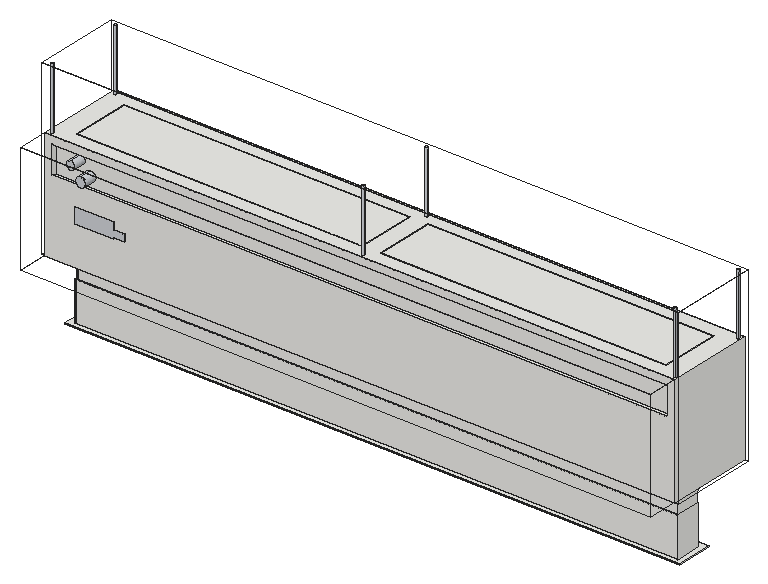
Revit family "AIRTECNICS_AIR CURTAIN_INVISAIR_DX-VRV_(DAIKIN)123", category Mechanical Equipment, Revit 2016
Family settings
  Part Type = Normal
  Round Connector Dimension = Use Diameter
  OmniClass Number = 23.75.70.21.17
  OmniClass Title = Air Curtains
  Work Plane-Based = No
  Always vertical = Yes
  Cut with Voids When Loaded = No
  Shared = No
  Room Calculation Point = No
Parameters (values of type "IECG 2000 VRV20-DA")
  · POSITION · [instance] = "-/ Select Curtain Position /-"  # constant formula
  · PIPES POSITION · [instance] = "-/ Select Pipes Position /-"  # constant formula
  · OTHERS · [instance] = "-/ Select Supports - Inst.Maint. Space /-"  # constant formula
  · KITS CONFIGURATION · [instance] = "-/ Configure Length Kit /-"  # constant formula
  · HEATING · = "-/ Select Heating /-"  # constant formula
  · EXTERNAL UNIT · [instance] = "-/ Select External Unit Type /-"  # constant formula
  · COIL ROWS · = "-/ Select DX Coil Rows /-"  # constant formula
  Weight [instance] = size_lookup(Name_Lookup_Data, "Weight", 1.00 kg, CM, CT, CH, CR)  # 89.00 kg
  Voltage [instance] = 230 V  # constant formula
  URL_Manufacturer = "https://www.airtecnics.com/"
  URL_Datasheet = "https://www.airtecnics.com/download/file/5853/invisair-dx-daikin-1-1-and-vrv.pdf"
  Triple Phase (External Ut.) [instance] = no
  Supports Length [instance] = 200.0 mm
  Supports (Horizontal) [instance] = yes
  Special Installation [instance] = no
  Single Phase (External Ut.) [instance] = not([Triple Phase (External Ut.)])  # yes
  Revit Version = "Revit 2016 - English"  # constant formula
  Review Date = "11/2018"  # constant formula
  Remote Control = "-"  # constant formula
  URL = "https://www.airtecnics.com/products/heat-pump-air-curtain-invisair-dx-for-daikin"
  Refrigerant Pipes_P4 [instance] = no
  Refrigerant Pipes_P3 [instance] = no
  Refrigerant Pipes_P2 (Stn) [instance] = if(or(Refrigerant Pipes_P1, Refrigerant Pipes_P3, Refrigerant Pipes_P4), 1 = 0, 1 = 1)  # yes
  Refrigerant Pipes_P1 [instance] = no
  Product Size = if(L = 1500.0 mm, "1500", if(L = 2000.0 mm, "2000", "2500"))  # "2000"
  Product Reference [instance] = size_lookup(Name_Lookup_Ref, "", "Consult Manufacturer", CM, CT, CH, CR)  # "IECG 2000 VRV20-DA"
  Product Heating [instance] = if(DX 1:1, "Direct Expansion 1:1 system", "Direct Expansion VRV system")  # "Direct Expansion VRV system"
  Product Description [instance] = size_lookup(Name_Lookup_Data, "", "Consult Manufacturer", CM, CT, CH, CR)  # "Energy saving heat pump air curtain: Up to 70% reduction in costs and CO2 emissions (heating mode).\r\nSpecially designed for applications where the body of the air curtain is to be installed inside a column or bulkhead for architectural reasons. It can be vertically or horizontally mounted.\r\nSelf-supporting casing construction made of galvanized steel plate, finished in structural epoxy-polyester painting white colour RAL9016 as standard. Other colours or stainless steel are available on request. \r\nThe air flow of Invisair follows a straight line from the air inlet grille to the to the discharge. Inlet area inside a bulkhead or column should be designed with suitable grille provided by others.\r\nAnodized aluminium outlet vanes, airfoil shaped, adjustable from 0 to 15º each side.\r\nDouble-inlet centrifugal fans driven by an external rotor motor and low noise level. 5-speed selector. EC models assembled with very low consumption efficiency fans. \r\nIncludes only heating direct expansion coil with installed temperature sensors.\r\nPlug&Play control panel CS-5DX-NE slave DX with 5 speeds selector and 7m telephone cable included.\r\nReady to connect to DAIKIN VRV outdoor heat pump unit (R410A) and EKEXV200 expansion valve not included, the customer should purchase it.\r\nRequires EKEQMCBA DAIKIN VRV Interface KIT adapted for air curtain and BRC1E53A programmable control, please consult.\r\nAir Volume: 4380 m3/h \r\nFans:  0,426 kW  3,72 A 230Vx1 50/60Hz\r\nHeating capacity: 20,21 kW\r\nDimensions: 285x570/620x2055 mm (depth, height, length), including telescopic outlet for easy installation.\r\nNOT SUPPLIED BY AIRTÈCNICS:\r\nEKEQMCBA Interface VRV kit and BRC1E53A programmable control.\r\nExpansion valve EKEXV200.\r\nExternal unit VRV."
  Power Fans Factor [instance] = size_lookup(Name_Lookup_Data, "Power Fans Factor", 1, CM, CT, CH, CR)  # 0.5
  Power Fans [instance] = size_lookup(Name_Lookup_Data, "Power Fans", 1 kW, CM, CT, CH, CR)  # 0.426 kW
  P = 1 = 1  # yes
  Outlet Kit Length [instance] = 210.0 mm
  Noise Level (dB(A)) [instance] = size_lookup(Name_Lookup_Data, "Noise Level (dB(A))", 1, CM, CT, CH, CR)  # 63
  Name_Lookup_Ref_EU = "INVISAIR_(DX)_DA_Ref_EU_Lookup"  # constant formula
  Name_Lookup_Ref = "INVISAIR_(DX)_DA_Ref_Lookup"  # constant formula
  Name_Lookup_Data3 = "INVISAIR_(DX)_DA_Mainfolds_Lookup"  # constant formula
  Name_Lookup_Data2 = "INVISAIR_(DX)_DA_ExpValve_Lookup"  # constant formula
  Name_Lookup_Data = "INVISAIR_(DX)_DA_Data_Lookup"  # constant formula
  Model = "Air Curtain Invisair DX/VRV Daikin"  # constant formula
  Material Grille = AIRTECNICS_Perforated_Invisair_White RAL 9016
  Material Curtain [instance] = AIRTECNICS_White RAL 9016
  Mainfolds [instance] = size_lookup(Name_Lookup_Data3, "", "Consult Manufacturer", CM, CT, CH, CR)  # "3/4 & 3/8"
  Length = if(L > 1500.0 mm, L + 55.0 mm, L + 50.0 mm)  # 2055.0 mm
  Kits Range [instance] = "Min. 210 mm / Max. 260 mm"  # constant formula
  Height [instance] = 570.0 mm + Outlet Kit Length - 210.0 mm + Depth - Depth  # 570.0 mm
  Heating Capacity [instance] = size_lookup(Name_Lookup_Data, "Heating Capacity", 1 kW, CM, CT, CH, CR)  # 20.21 kW
  Gas Coil Volume [instance] = size_lookup(Name_Lookup_Data, "Gas Coil Volume", 1.00 m³, CM, CT, CH, CR)  # 0.0031 m³
  G = 1 = 1  # yes
  Frequency = 50 Hz  # constant formula
  Fans Stage = 5  # constant formula
  Family Version = "1.0"  # constant formula
  External Ut. Reference [instance] = size_lookup(Name_Lookup_Ref_EU, "", "Consult Manufacturer", CM, CT, CH, CR, CEU)  # "Not available"
  Expansion Valve [instance] = size_lookup(Name_Lookup_Data2, "", "Consult Manufacturer", CM, CT, CH, CR)  # "EKEXV 200"
  EC = 1 = 1  # yes
  Dn_Metric_Refrig_Liquid [instance] = size_lookup(Name_Lookup_Data3, "Dn_Liquid", 1 mm, CM, CT, CH, CR)  # 10 mm
  Dn_Metric_Refrig_Gas [instance] = size_lookup(Name_Lookup_Data3, "Dn_Gas", 1 mm, CM, CT, CH, CR)  # 20 mm
  Depth = 285.0 mm  # constant formula
  DX VRV = not(DX 1:1)  # yes
  DX Kit [instance] = if(DX 1:1, "EKEQDCB", "EKEQMCBA")  # "EKEQMCBA"
  DX Controller [instance] = "BRC1H519W"  # constant formula
  DX Coil Rows = 4 = no
  DX Coil Rows = 3 = not([DX Coil Rows = 4])  # yes
  DX 1:1 = no
  Current Fans [instance] = size_lookup(Name_Lookup_Data, "Current Fans", 1 A, CM, CT, CH, CR)  # 3.72 A
  Created by = "BIMETRICAL"  # constant formula
  Control [instance] = "CS-5DX-NE"  # constant formula
  Capacity_Frig_Liquid [instance] = 0.0 L/s
  Capacity_Frig_Gas [instance] = 0.0 L/s
  Cable = "CB7"  # constant formula
  CT [instance] = if(L = 1000.0 mm, 2, 0) + if(L = 1500.0 mm, 4, 0) + if(L = 2000.0 mm, 8, 0) + if(L = 2500.0 mm, 16, 0) + if(L = 3000.0 mm, 32, 0)  # 8
  CR [instance] = if([DX Coil Rows = 3], 4, 2)  # 4
  CM [instance] = 12  # constant formula
  CH [instance] = if(DX 1:1, 2, 4)  # 4
  CEU [instance] = if([Single Phase (External Ut.)], 2, 4)  # 2
  Aspiration/Maintenance Space [instance] = yes
  Apparent Load [instance] = size_lookup(Name_Lookup_Data, "Apparent Load", 1 VA, CM, CT, CH, CR)  # 852 VA
  Airflow [instance] = size_lookup(Name_Lookup_Data, "Airflow", 1 m³/h, CM, CT, CH, CR)  # 4380 m³/h
  L = 2000.0 mm
  Type Image = <None>
  IfcExportType = "DXCOOLINGCOIL"  # constant formula
  IfcExportAs = "IfcCoilType"  # constant formula
  Horizontal [instance] = 1 = 1  # yes
  Manufacturer = "AIRTECNICS"  # constant formula
  Description = ""
  Type Comments = "Energy saving heat pump air curtain: Up to 70% reduction in costs and CO2 emissions (heating mode).\r\nSpecially designed for applications where the body of the air curtain is to be installed inside a column or bulkhead for architectural reasons. It can be vertically or horizontally mounted.\r\nSelf-supporting casing construction made of galvanized steel plate, finished in structural epoxy-polyester painting white colour RAL9016 as standard. Other colours or stainless steel are available on request. \r\nThe air flow of Invisair follows a straight line from the air inlet grille to the to the discharge. Inlet area inside a bulkhead or column should be designed with suitable grille provided by others.\r\nAnodized aluminium outlet vanes, airfoil shaped, adjustable from 0 to 15º each side.\r\nDouble-inlet centrifugal fans driven by an external rotor motor and low noise level. 5-speed selector. EC models assembled with very low consumption efficiency fans. \r\nIncludes only heating direct expansion coil with installed temperature sensors.\r\nPlug&Play control panel CS-5DX-NE slave DX with 5 speeds selector and 7m telephone cable included.\r\nDX 1:1:\r\nReady to connect to DAIKIN Inverter outdoor heat pump unit (R410A) and  expansion valve not included, the customer should purchase it.\r\nRequires  DAIKIN DX Interface KIT adapted for air curtain and  programmable control, please consult.\r\nDX VRV:\r\nReady to connect to DAIKIN VRV outdoor heat pump unit (R410A) and  expansion valve not included, the customer should purchase it.\r\nRequires  DAIKIN VRV Interface KIT adapted for air curtain and  programmable control, please consult.\r\n¡"  # constant formula
  BIMETRICAL Category = "Coil"  # constant formula
  BIMETRICAL = "http://www.bimetrical.com"  # constant formula
Reference planes
  plane 1 "Centro (Frontal/Posterior)": z = 0
  plane 2: y = 246.57
  plane 3 "Centro (Izquierda/Derecha)": x = 0
Dimensions and locks
  aligned and locked: plane 1 "Centro (Frontal/Posterior)" to nested 1
Nested families
  nested 1: "GEOM_INVISAIR_(DX)" at (0, 246.57, 0), Outlet Kit Lenght <- "Outlet Kit Length", Supports (Horizontal) <- "Supports (Horizontal)", Aspiration/Maintenance Space <- "Aspiration/Maintenance Space", P1 <- "Refrigerant Pipes_P1", P3 <- "Refrigerant Pipes_P3", P4 <- "Refrigerant Pipes_P4", SPCI <- "Special Installation", type "GEOM_INVISAIR_(DX)"
    with Vertical Right no, Vertical Left no, VSUP yes, VPE no, VPD no, Supports (Horizontal) yes, STNI yes, SPCI no, P4 no, P3 no, P2 yes, P1 no, Outlet Kit Lenght 210.0 mm, OKL 210.0 mm, L3 10.0 mm, L2 10.0 mm, L1 176.22 mm, Horizontal yes, C_P 2, C_L 4, CH_4 235.0 mm, CH_3 37.0 mm, CH_2 139.0 mm, CH_1 275.86 mm, CC_4 50.0 mm, CC_3 221.89 mm, CC_2 106.0 mm, CC_1 313.83 mm, Aspiration/Maintenance Space yes, AH -90.00°, AC -90.00°, L* 2055.0 mm, L 2000.0 mm
Connectors
  electrical at (-825.125, 103.07, 148.65), driven by "Voltage", driven by "Apparent Load", driven by "Power Fans Factor"
    settings: on nested 1, index 1, voltage 230 V, apparent load 852 VA, apparent load phase1 0 VA, apparent load phase2 0 VA, apparent load phase3 0 VA, power factor 0.5, load classification "Other", number of poles 1, system type 30, power factor state 0, is connector primary yes, connector utility no, sub classification motor no, connector description ""
  piping at (-921.5, 77.18, 313.889), diameter 10, driven by "Capacity_Frig_Liquid", driven by "Dn_Metric_Refrig_Liquid"
    settings: on nested 1, index 2, connector inside diameter 609.6 mm, connector length 0.0 mm, flow factor 0, pipe flow 0.0 L/s, pressure drop 0.0 Pa, fitting loss kfactor 0, connector angle 0.00°, fixture units 0, engagement length 0.0 mm, angle of deflection 0.00°, flow configuration 1, flow direction 2, fitting loss method 0, system type 8, joint type 0, gender type 0, connector reference index -1, connector utility 0, adjustable connector no, is connector primary yes, connector description "Out"
  piping at (-888.5, 77.07, 275.86), diameter 20, driven by "Capacity_Frig_Gas", driven by "Dn_Metric_Refrig_Gas"
    settings: on nested 1, index 3, connector inside diameter 609.6 mm, connector length 0.0 mm, flow factor 0, pipe flow 0.0 L/s, pressure drop 0.0 Pa, fitting loss kfactor 0, connector angle 0.00°, fixture units 0, engagement length 0.0 mm, angle of deflection 0.00°, flow configuration 1, flow direction 1, fitting loss method 0, system type 7, joint type 0, gender type 0, connector reference index -1, connector utility 0, adjustable connector no, is connector primary no, connector description "In"
Definition of nested family "GEOM_INVISAIR_(DX)"
  Parameters (values of type "GEOM_INVISAIR_(DX)")
    Vertical Right [instance] = 1 = 0  # no
    Vertical Left [instance] = 1 = 0  # no
    VSUP [instance] = if(and(Horizontal, [Supports (Horizontal)]), 1 = 1, 1 = 0)  # yes
    VPE [instance] = Vertical Left  # no
    VPD [instance] = Vertical Right  # no
    Supports Length = 200.0 mm
    Supports (Horizontal) [instance] = yes
    STNI [instance] = not(SPCI)  # yes
    SPCI [instance] = no
    Revit Version = "Revit 2016 - English"  # constant formula
    Review Date = "11/2018"  # constant formula
    P4 [instance] = yes
    P3 [instance] = no
    P2 [instance] = not(or(P1, P3, P4))  # no
    P1 [instance] = no
    P = 1 = 1  # yes
    Outlet Kit Lenght [instance] = 210.0 mm
    OKL [instance] = if(Outlet Kit Lenght > 260.0 mm, 260.0 mm, if(Outlet Kit Lenght < 210.0 mm, 210.0 mm, Outlet Kit Lenght))  # 210.0 mm
    Name_CH = "CH_Dimensions_Lookup"  # constant formula
    Name_CC = "CC_Dimensions_Lookup"  # constant formula
    Model = "INVISAIR (DX)"  # constant formula
    Material Grille = none
    Material Curtain = none
    Manufacturer = "AIRTECNICS"  # constant formula
    L_sup = if(Supports Length = 0.0 mm, 1.0 mm, Supports Length)  # 200.0 mm
    L6 = 0.0 mm  # constant formula
    L5 = 0.0 mm  # constant formula
    L4 = 0.0 mm  # constant formula
    L3 [instance] = if(and(P, P4), 100.0 mm, 10.0 mm)  # 100.0 mm
    L2 [instance] = if(and(P, P1), 100.0 mm, 10.0 mm)  # 10.0 mm
    L1 [instance] = if(STNI, 176.22 mm, 108.78 mm)  # 176.22 mm
    L* = if(L < 2000.0 mm, L + 50.0 mm, L + 55.0 mm)  # 1550.0 mm
    L = 1500.0 mm
    Horizontal [instance] = 1 = 1  # yes
    Family Version = "1.0"  # constant formula
    Default Elevation = 1219.2 mm
    D_P = 20.00 mm
    Created by = "BIMETRICAL"  # constant formula
    C_P [instance] = if(P1, 1, 0) + if(P2, 2, 0) + if(P3, 4, 0) + if(P4, 8, 0)  # 8
    C_L [instance] = if(L = 1500.0 mm, 2, 0) + if(L = 2000.0 mm, 4, 0) + if(L = 2500.0 mm, 8, 0)  # 2
    CH_4 [instance] = size_lookup(Name_CH, "CH_4", 235.0 mm, C_L, C_P)  # 50.0 mm
    CH_3 [instance] = size_lookup(Name_CH, "CH_3", 37.0 mm, C_L, C_P)  # 106.0 mm
    CH_2 [instance] = size_lookup(Name_CH, "CH_2", 139.0 mm, C_L, C_P)  # 1444.0 mm
    CH_1 [instance] = size_lookup(Name_CH, "CH_1", 275.86 mm, C_L, C_P)  # 277.52 mm
    CC_4 [instance] = size_lookup(Name_CC, "CC_4", 50.0 mm, C_L, C_P)  # 235.0 mm
    CC_3 [instance] = size_lookup(Name_CC, "CC_3", 221.89 mm, C_L, C_P)  # 139.17 mm
    CC_2 [instance] = size_lookup(Name_CC, "CC_2", 106.0 mm, C_L, C_P)  # 1410.83 mm
    CC_1 [instance] = size_lookup(Name_CC, "CC_1", 313.86 mm, C_L, C_P)  # 307.52 mm
    BIMETRICAL = "http://www.bimetrical.com/"  # constant formula
    B1 = 0.0 mm  # constant formula
    B = 0.0 mm  # constant formula
    Aspiration/Maintenance Space [instance] = yes
    AH [instance] = size_lookup(Name_CH, "AH", 90.00°, C_L, C_P)  # 180.00°
    AC [instance] = size_lookup(Name_CC, "AC", 90.00°, C_L, C_P)  # 180.00°
    A = 0.0 mm  # constant formula
  Reference planes
    plane 1 "Centro (Frontal/Posterior)": y = 0
    plane 2: z = 0
    plane 3 "Centro (Izquierda/Derecha)": x = 0
    plane 4: y = 142.5
    plane 5: y = -142.5
    plane 6: x = -775
    plane 7: x = 775
    plane 8: z = 360
    plane 9: x = -751
    plane 10: x = 751
    plane 11: z = 337
    plane 12: x = -708
    plane 13: x = 708
    plane 14: x = 30
    plane 15: x = -30
    plane 16: y = -96.75
    plane 17: y = 96.75
    plane 18: z = 307.52
    plane 19: z = 277.52
    plane 20: x = 635.83
    plane 21: x = 669
    plane 22: y = -92.5
    plane 23: y = 92.5
    plane 24: x = -762.5
    plane 25: x = 762.5
    plane 26: y = 128.5
    plane 27: y = -128.5
  Forms (mm)
    Extrusion 1, solid, material <- "Material Curtain"
      sketch origin (-1376.546, -1524, 270) x (-1, 0, 0) y (0, -1, 0)
        loop
          line (-601.546, -1666.5) -> (-601.546, -1381.5) -> (-2151.546, -1381.5) -> (-2151.546, -1666.5) -> (-601.546, -1666.5)
      from -270 to 90
    Extrusion 2, void
      sketch origin (-1776.211, -142.5, 1200) x (1, 0, 0) y (0, 0, -1)
        loop
          line (1025.211, 863) -> (2527.211, 863) -> (2527.211, 956) -> (1025.211, 956) -> (1025.211, 863)
      from 13 to 0
    Extrusion 3, void
      sketch origin (-1504.338, -1524, 360) x (-1, 0, 0) y (0, -1, 0)
        loop
          line (-796.338, -1620.75) -> (-796.338, -1427.25) -> (-1474.338, -1427.25) -> (-1474.338, -1620.75) -> (-796.338, -1620.75)
        loop
          line (-1534.338, -1620.75) -> (-1534.338, -1427.25) -> (-2212.338, -1427.25) -> (-2212.338, -1620.75) -> (-1534.338, -1620.75)
      from 0 to -13
    Extrusion 4, solid, material <- "Material Grille"
      sketch origin (-1504.338, -1524, 360) x (-1, 0, 0) y (0, -1, 0)
        loop
          line (-796.338, -1620.75) -> (-796.338, -1427.25) -> (-1474.338, -1427.25) -> (-1474.338, -1620.75) -> (-796.338, -1620.75)
        loop
          line (-1534.338, -1620.75) -> (-1534.338, -1427.25) -> (-2212.338, -1427.25) -> (-2212.338, -1620.75) -> (-1534.338, -1620.75)
      from 0 to -2
    Extrusion 5, solid
      sketch origin (-1776.211, -142.5, 1200) x (-1, 0, 0) y (0, 0, -1)
        loop
          line (-1226.124, 1071.5) -> (-1226.298, 1067.5) -> (-1263.211, 1067.5) -> (-1263.211, 1044.2) -> (-1226.211, 1044.2) -> (-1226.211, 1022.2) -> (-1098.711, 1022.2) -> (-1098.711, 1071.5) -> (-1226.124, 1071.5)
      from 0 to 1
    Extrusion 6, solid, visible <- "P"
      sketch origin (775, -92.5, 307.52) x (0, 0, 1) y (0, -1, 0)
        loop
          circle (0.059, 0) r 13.5
      from 0 to 40
    Extrusion 7, solid, visible <- "P"
      sketch origin (775, 92.5, 278.518) x (0, 0, 1) y (0, -1, 0)
        loop
          circle (-0.998, 0) r 15.5
      from 0 to 40
    Extrusion 8, solid, visible <- "Aspiration/Maintenance Space"
      sketch origin (-1776.211, -142.5, 1200) x (-1, 0, 0) y (0, 0, -1)
        loop
          line (-1001.211, 1200) -> (-1001.211, 840) -> (-2551.211, 840) -> (-2551.211, 1200) -> (-2651.211, 1200) -> (-2651.211, 640) -> (-991.211, 640) -> (-991.211, 1200) -> (-1001.211, 1200)
      from 0 to -285
    Extrusion 9, solid, visible <- "Aspiration/Maintenance Space"
      sketch origin (-1776.211, -142.5, 1200) x (-1, 0, 0) y (0, 0, -1)
        loop
          line (-1001.211, 840) -> (-1001.211, 1200) -> (-2551.211, 1200) -> (-2551.211, 840) -> (-1001.211, 840)
      from 0 to 100
    Extrusion 10, solid, visible <- "VSUP"
      sketch origin (-1504.338, -1524, 360) x (-1, 0, 0) y (0, -1, 0)
        loop
          circle (-741.838, -1652.5) r 4
        loop
          circle (-741.838, -1395.5) r 4
        loop
          circle (-1504.338, -1395.5) r 4
        loop
          circle (-1504.338, -1652.5) r 4
        loop
          circle (-2266.838, -1652.5) r 4
        loop
          circle (-2266.838, -1395.5) r 4
      from -1 to 200
  Cuts and joins
    Extrusion 2, Extrusion 3 cuts Extrusion 1
  Lines and regions (mm)
    reference lines
      curve 1: line (635.83, -92.5, 307.52) -> (775, -92.5, 307.52)
      curve 2: line (669, 92.5, 277.52) -> (775, 92.5, 277.52)
    symbolic lines
      curve 3: line (-775, 142.5, 277.52) -> (775, 142.5, 277.52)
      curve 4: line (-775, -142.5, 277.52) -> (-775, 142.5, 277.52)
      curve 5: line (775, -142.5, 277.52) -> (-775, -142.5, 277.52)
      curve 6: line (775, 142.5, 277.52) -> (775, -142.5, 277.52)
      curve 7: line (-721, -15.69, 277.52) -> (721, -15.69, 277.52)
      curve 8: line (-721, -23.386, 277.52) -> (-721, -15.69, 277.52)
      curve 9: line (721, -23.386, 277.52) -> (-721, -23.386, 277.52)
      curve 10: line (721, -15.69, 277.52) -> (721, -23.386, 277.52)
      curve 11: line (721, -44.054, 277.52) -> (-721, -44.054, 277.52)
      curve 12: line (721, -51.746, 277.52) -> (721, -44.054, 277.52)
      curve 13: line (-721, -51.746, 277.52) -> (721, -51.746, 277.52)
      curve 14: line (-721, -44.054, 277.52) -> (-721, -51.746, 277.52)
    symbolic lines, visible <- "Aspiration/Maintenance Space"
      curve 15: line (-775, 142.5, 277.52) -> (-785, 142.5, 277.52)
      curve 16: line (-785, 142.5, 277.52) -> (-785, -142.5, 277.52)
      curve 17: line (-785, -142.5, 277.52) -> (-775, -142.5, 277.52)
      curve 18: line (775, 142.5, 277.52) -> (875, 142.5, 277.52)
      curve 19: line (875, 142.5, 277.52) -> (875, -142.5, 277.52)
      curve 20: line (875, -142.5, 277.52) -> (775, -142.5, 277.52)
      curve 21: line (-775, -142.5, 277.52) -> (-775, -242.5, 277.52)
      curve 22: line (-775, -242.5, 277.52) -> (775, -242.5, 277.52)
      curve 23: line (775, -242.5, 277.52) -> (775, -142.5, 277.52)
      curve 24: line (-775, -142.5, 0) -> (-785, -142.5, 0)
      curve 25: line (-785, -142.5, 0) -> (-785, -142.5, 560)
      curve 26: line (-785, -142.5, 560) -> (875, -142.5, 560)
      curve 27: line (875, -142.5, 560) -> (875, -142.5, 0)
      curve 28: line (875, -142.5, 0) -> (775, -142.5, 0)
      curve 29: line (-775, -142.5, 0) -> (-775, -242.5, 0)
      curve 30: line (-775, -242.5, 0) -> (-775, -242.5, 360)
      curve 31: line (-775, -242.5, 360) -> (-775, -142.5, 360)
      curve 32: line (-775, -142.5, 360) -> (-775, -142.5, 560)
      curve 33: line (-775, -142.5, 560) -> (-775, 142.5, 560)
      curve 34: line (-775, 142.5, 560) -> (-775, 142.5, 360)
  Dimensions and locks
    equal spacing: plane 5, plane 1 "Centro (Frontal/Posterior)", plane 4
    locked: plane 5 to plane 4 at 285
    equal spacing: plane 6, plane 3 "Centro (Izquierda/Derecha)", plane 7
    "L*": plane 6 to plane 7
    locked: plane 8 to plane 2 at 360
    locked: plane 9 to plane 6 at 24
    locked: plane 10 to plane 7 at 24
    locked: plane 8 to plane 11 at 23
    locked: plane 6 to plane 12 at 67
    plane 13 to plane 7 = 67.0 mm
    plane 3 "Centro (Izquierda/Derecha)" to plane 14 = 30.0 mm
    plane 3 "Centro (Izquierda/Derecha)" to plane 15 = 30.0 mm
    locked: plane 16 to plane 5 at 45.75
    locked: plane 17 to plane 4 at 45.75
    locked: plane 11 to Extrusion 2 sketch curve at 93
    "CC_1": plane 18 to level
    "CH_1": plane 19 to level
    "CC_2": plane 20 to plane 6
    "CH_2": plane 21 to plane 6
    "CC_4": plane 4 to plane 22
    "CH_4": plane 4 to plane 23
    "CC_3": curve 1 to curve 1
    "CH_3": curve 2 to curve 2
    locked: level to nested 1 at 0
    "L1": plane 4 to nested 1
    "L2": plane 6 to Extrusion 8 sketch curve
    "L3": plane 7 to Extrusion 8 sketch curve
    locked: plane 6 to plane 24 at 12.5
    locked: plane 25 to plane 7 at 12.5
    locked: plane 4 to plane 26 at 14
    locked: plane 5 to plane 27 at 14
    "Supports Length": Extrusion 10 to plane 8
    locked: Extrusion 5 sketch curve to plane 6 at 97.5
    locked: Extrusion 5 sketch curve to plane 6 at 262
    Extrusion 9 to plane 20 = 1410.83 mm
    Extrusion 9 to plane 21 = 106.0 mm
    diameter of Extrusion 7 sketch curve = 31.0 mm
    diameter of Extrusion 6 sketch curve = 27.0 mm
    "AC": angle curve 1 to plane 22
    "AH": angle curve 2 to plane 23
    aligned and locked: level to plane 2
    aligned and locked: Extrusion 1 sketch curve to plane 4
    aligned and locked: plane 6 to Extrusion 1 sketch curve
    aligned and locked: Extrusion 1 sketch curve to plane 5
    aligned and locked: plane 7 to Extrusion 1 sketch curve
    aligned and locked: Extrusion 1 to level
    aligned and locked: plane 8 to Extrusion 1
    aligned and locked: plane 9 to Extrusion 2 sketch curve
    aligned and locked: plane 10 to Extrusion 2 sketch curve
    aligned and locked: plane 5 to cut or joined group of Extrusion 1, Extrusion 2, Extrusion 3
    aligned and locked: plane 17 to Extrusion 3 sketch curve  (x2)
    aligned and locked: plane 12 to Extrusion 3 sketch curve
    aligned and locked: plane 16 to Extrusion 3 sketch curve  (x2)
    aligned and locked: Extrusion 3 sketch curve to plane 15
    aligned and locked: Extrusion 3 sketch curve to plane 14
    aligned and locked: plane 13 to Extrusion 3 sketch curve
    aligned and locked: plane 12 to Extrusion 4 sketch curve
    aligned and locked: plane 17 to Extrusion 4 sketch curve
    aligned and locked: plane 13 to Extrusion 4 sketch curve
    aligned and locked: Extrusion 4 sketch curve to plane 14
    aligned and locked: Extrusion 4 sketch curve to plane 15
    aligned and locked: plane 22 to curve 1
    aligned and locked: plane 20 to curve 1
    aligned and locked: plane 23 to curve 2
    aligned and locked: plane 21 to curve 2
    aligned and locked: Extrusion 5 to plane 5
    aligned and locked: curve 3 to cut or joined group of Extrusion 1, Extrusion 2, Extrusion 3
    aligned and locked: curve 4 to cut or joined group of Extrusion 1, Extrusion 2, Extrusion 3
    aligned and locked: curve 5 to cut or joined group of Extrusion 1, Extrusion 2, Extrusion 3
    aligned and locked: curve 6 to cut or joined group of Extrusion 1, Extrusion 2, Extrusion 3
    aligned and locked: curve 8 to nested 1
    aligned and locked: curve 9 to nested 1
    aligned and locked: curve 10 to nested 1
    aligned and locked: curve 11 to nested 1
    aligned and locked: curve 12 to nested 1
    aligned and locked: curve 13 to nested 1
    aligned and locked: curve 14 to nested 1
    aligned and locked: Extrusion 9 sketch curve to cut or joined group of Extrusion 1, Extrusion 2, Extrusion 3  (x2)
    aligned and locked: curve 19 to Extrusion 8
    aligned and locked: curve 22 to Extrusion 9
    aligned and locked: Extrusion 9 to plane 6
    aligned and locked: curve 27 to Extrusion 8
    aligned and locked: plane 24 to Extrusion 10 sketch curve
    aligned and locked: plane 26 to Extrusion 10 sketch curve  (x3)
    aligned and locked: plane 27 to Extrusion 10 sketch curve  (x3)
    aligned and locked: plane 3 "Centro (Izquierda/Derecha)" to Extrusion 10 sketch curve
    aligned and locked: curve 25 to Extrusion 8
    aligned and locked: curve 16 to Extrusion 8
    aligned and locked: plane 7 to Extrusion 9 sketch curve
  Automatic sketch dimensions
    Extrusion 2 sketch curve to plane 11 = 0.0 mm
    plane 17 to Extrusion 4 sketch curve = 0.0 mm
    Extrusion 4 sketch curve to plane 16 = 0.0 mm  (x2)
    Extrusion 5 sketch curve to Extrusion 5 sketch curve = 36.913 mm
    Extrusion 5 sketch curve to Extrusion 5 sketch curve = 0.087 mm
    Extrusion 5 sketch curve to Extrusion 5 sketch curve = 0.175 mm
    Extrusion 5 sketch curve to level = 128.5 mm
    Extrusion 5 sketch curve to Extrusion 5 sketch curve = 4.0 mm
    Extrusion 5 sketch curve to Extrusion 5 sketch curve = 23.3 mm
    Extrusion 5 sketch curve to Extrusion 5 sketch curve = 49.3 mm
    curve 8 to curve 8 = 7.696 mm
    Extrusion 9 sketch curve to level = 0.0 mm
    curve 28 to level = 0.0 mm
    plane 7 to curve 28 = 0.0 mm
    curve 24 to plane 6 = 0.0 mm
    curve 25 to level = 0.0 mm
    curve 26 to plane 8 = 200.0 mm
    Extrusion 10 sketch curve to plane 25 = 0.0 mm  (x2)
    Extrusion 10 sketch curve to plane 3 "Centro (Izquierda/Derecha)" = 0.0 mm
    Extrusion 10 sketch curve to plane 24 = 0.0 mm
    plane 18 to Extrusion 6 sketch curve = 0.059 mm
    Extrusion 7 sketch curve to plane 19 = 0.0 mm
    Extrusion 6 sketch curve to plane 22 = 0.0 mm
    Extrusion 7 sketch curve to plane 23 = 0.0 mm
    curve 30 to plane 8 = 0.0 mm
    curve 29 to plane 5 = 0.0 mm
    curve 31 to plane 5 = 0.0 mm
    curve 33 to plane 4 = 0.0 mm
    curve 34 to plane 8 = 0.0 mm
    curve 31 to curve 31 = 100.0 mm
    level to curve 30 = 0.0 mm
    plane 8 to curve 33 = 200.0 mm
    plane 7 to Extrusion 8 sketch curve = 0.0 mm
    Extrusion 8 sketch curve to level = 0.0 mm  (x2)
    Extrusion 8 sketch curve to plane 6 = 0.0 mm
    Extrusion 8 sketch curve to plane 8 = 0.0 mm
    Extrusion 8 sketch curve to plane 8 = 200.0 mm
    radius of Extrusion 10 sketch curve = 4.0 mm  (x6)
  Nested families
    nested 1: "GEOM_INVISAIR_OUTLET KIT" at (0, -280.29, -210), L <- "L", Outlet Kit Length <- "OKL", Material <- "Material Curtain", type "Outlet Kit"
      with Vi3 yes, Vi2 no, Vi1 yes, Outlet Kit Length 210.0 mm, Material none, L-45 1454.0 mm, L-39 1460.0 mm, L-2 1498.0 mm, L-16 1496.0 mm, L* 1550.0 mm, L 1500.0 mm
  Definition of nested family "GEOM_INVISAIR_OUTLET KIT"
    Parameters (values of type "Outlet Kit")
      Vi3 [instance] = yes
      Vi2 [instance] = if(L > 2200.0 mm, 1 = 1, 1 = 0)  # no
      Vi1 [instance] = if(L > 2200.0 mm, 1 = 0, 1 = 1)  # yes
      URL = "https://www.airtecnics.com/products/air-curtain-windbox-m-g"
      Revit Version = "Revit 2016 - English"  # constant formula
      Review Date = "10/18"  # constant formula
      Model = "Outlet Kit"  # constant formula
      Outlet Kit Length [instance] = 210.0 mm
      Material [instance] = none
      L-45 [instance] = [L*] - 96.0 mm  # 1454.0 mm
      L-39 [instance] = [L*] - 90.0 mm  # 1460.0 mm
      L-2 [instance] = [L*] - 52.0 mm  # 1498.0 mm
      L-16 [instance] = [L*] - 54.0 mm  # 1496.0 mm
      Type Image = (empty or 0)
      Manufacturer = "AIRTECNICS"  # constant formula
      Li1 = 1.0 mm
      L* [instance] = if(L < 2000.0 mm, L + 50.0 mm, L + 55.0 mm)  # 1550.0 mm
      L [instance] = 1500.0 mm
      Family Version = "1.0"  # constant formula
      Description = "AIRTECNICS_Air curtain Windbox M,G"  # constant formula
      Type Comments = ""
      Default Elevation = 1219.2 mm
      Created by = "BIMETRICAL"  # constant formula
      BIMETRICAL Category = "Fan"  # constant formula
      BIMETRICAL = "http://www.bimetrical.com/"  # constant formula
    Reference planes
      plane 1 "Centro (Frontal/Posterior)": z = 0
      plane 2: y = 246.57
      plane 3 "Centro (Izquierda/Derecha)": x = 0
      plane 4: x = -775
      plane 5: x = 775
      plane 6: x = -749
      plane 7: x = 749
      plane 8: x = -730
      plane 9: x = 730
      plane 10: x = 727
      plane 11: x = -727
      plane 12: z = 1
      plane 13: y = 205.57
      plane 14: y = 194.57
      plane 15: y = 284.07
      plane 16: y = 298.57
      plane 17: y = 209.07
      plane 18: y = 287.57
      plane 19: z = 209
      plane 20: z = 210
      plane 21: z = 109.617
      plane 22: z = 130
      plane 23: y = 187.07
      plane 24: y = 306.07
      plane 25: x = -748
      plane 26: x = 748
      plane 27: x = -721
      plane 28: x = 721
      plane 29: x = -242.333
      plane 30: x = 242.333
    Forms (mm)
      Extrusion 1, solid, material <- "Material"
        sketch origin (0, -0.907, 0) x (0, 1, 0) y (0, 0, 1)
          loop
            arc (237.142, 59.981) -> (233.296, 64) -> (229.45, 59.981) r 3.85
            line (229.45, 59.981) -> (231.847, 5.386)
            arc (231.847, 5.386) -> (233.296, 4) -> (234.745, 5.386) r 1.45
            line (234.745, 5.386) -> (237.142, 59.981)
          loop
            arc (265.503, 59.981) -> (261.656, 64) -> (257.81, 59.981) r 3.85
            line (257.81, 59.981) -> (260.208, 5.386)
            arc (260.208, 5.386) -> (261.656, 4) -> (263.105, 5.386) r 1.45
            line (263.105, 5.386) -> (265.503, 59.981)
        from -721 to 721
      Extrusion 2, solid, material <- "Material"
        sketch origin (0, 0, 0) x (1, 0, 0) y (0, 1, 0)
          loop
            line (-749, 306.07) -> (-749, 187.07) -> (749, 187.07) -> (749, 306.07) -> (-749, 306.07)
          loop
            line (-730, 205.57) -> (730, 205.57) -> (730, 287.57) -> (-730, 287.57) -> (-730, 205.57)
        from 0 to 1
      Extrusion 3, solid, material <- "Material", visible <- "Vi3"
        sketch origin (0, 0, 0) x (1, 0, 0) y (0, 1, 0)
          loop
            line (-730, 287.57) -> (-730, 205.57) -> (730, 205.57) -> (730, 287.57) -> (-730, 287.57)
          loop
            line (-729, 206.57) -> (729, 206.57) -> (729, 286.57) -> (-729, 286.57) -> (-729, 206.57)
        from 130 to 0
      Extrusion 4, solid, visible <- "Vi1", not visible
        sketch origin (-8, -340.372, 21.524) x (0, 1, 0) y (0, 0, 1)
          loop
            line (332.442, 36.84) -> (332.442, 4.84) -> (364.442, 4.84) -> (364.442, 36.84) -> (332.442, 36.84)
        from -1.5 to 4.5
      Extrusion 5, solid, visible <- "Vi1", not visible
        sketch origin (-4, -340.372, 2.371) x (0, 1, 0) y (0, 0, 1)
          loop
            line (310.942, 75.234) -> (310.942, 5.234) -> (385.942, 5.234) -> (385.942, 75.234) -> (310.942, 75.234)
        from 0.5 to 16.5
      Extrusion 6, solid, visible <- "Vi1", not visible
        sketch origin (-3.189, -340.372, 21.13) x (0, 1, 0) y (0, 0, 1)
          loop
            line (332.442, 37.234) -> (332.442, 5.234) -> (364.442, 5.234) -> (364.442, 37.234) -> (332.442, 37.234)
        from 15.689 to 21.689
      Extrusion 7, solid, visible <- "Vi1"
        sketch origin (-12.5, -101.872, 13.918) x (0, 1, 0) y (0, 0, 1)
          loop
            line (332.442, 36.84) -> (332.442, 4.84) -> (364.442, 4.84) -> (364.442, 36.84) -> (332.442, 36.84)
        from -1.5 to 4.5
      Extrusion 8, solid, visible <- "Vi1"
        sketch origin (-8.5, -101.872, -5.234) x (0, 1, 0) y (0, 0, 1)
          loop
            line (310.942, 75.234) -> (310.942, 5.234) -> (385.942, 5.234) -> (385.942, 75.234) -> (310.942, 75.234)
        from 0.5 to 16.5
      Extrusion 9, solid, visible <- "Vi1"
        sketch origin (-7.689, -101.872, 13.524) x (0, 1, 0) y (0, 0, 1)
          loop
            line (332.442, 37.234) -> (332.442, 5.234) -> (364.442, 5.234) -> (364.442, 37.234) -> (332.442, 37.234)
        from 15.689 to 21.689
      Extrusion 10, solid, visible <- "Vi2"
        sketch origin (-234.042, -101.872, 13.766) x (0, 1, 0) y (0, 0, 1)
          loop
            line (332.442, 36.993) -> (332.442, 4.993) -> (364.442, 4.993) -> (364.442, 36.993) -> (332.442, 36.993)
        from -22.292 to -16.292
      Extrusion 11, solid, visible <- "Vi2"
        sketch origin (-237.395, -101.872, -5.234) x (0, 1, 0) y (0, 0, 1)
          loop
            line (310.942, 75.234) -> (310.942, 5.234) -> (385.942, 5.234) -> (385.942, 75.234) -> (310.942, 75.234)
        from -12.939 to 3.061
      Extrusion 12, solid, visible <- "Vi2"
        sketch origin (-257.072, -101.872, 13.524) x (0, 1, 0) y (0, 0, 1)
          loop
            line (332.442, 37.234) -> (332.442, 5.234) -> (364.442, 5.234) -> (364.442, 37.234) -> (332.442, 37.234)
        from 22.739 to 28.739
      Extrusion 13, solid, visible <- "Vi2", not visible
        sketch origin (-404.625, -340.372, -84.071) x (0, 1, 0) y (0, 0, 1)
          loop
            line (332.442, 36.993) -> (332.442, 4.993) -> (364.442, 4.993) -> (364.442, 36.993) -> (332.442, 36.993)
        from -22.292 to -16.292
      Extrusion 14, solid, visible <- "Vi2", not visible
        sketch origin (-407.978, -340.372, -103.071) x (0, 1, 0) y (0, 0, 1)
          loop
            line (310.942, 75.234) -> (310.942, 5.234) -> (385.942, 5.234) -> (385.942, 75.234) -> (310.942, 75.234)
        from -12.939 to 3.061
      Extrusion 15, solid, visible <- "Vi2", not visible
        sketch origin (-427.656, -340.372, -84.312) x (0, 1, 0) y (0, 0, 1)
          loop
            line (332.442, 37.234) -> (332.442, 5.234) -> (364.442, 5.234) -> (364.442, 37.234) -> (332.442, 37.234)
        from 22.739 to 28.739
      Extrusion 16, solid, visible <- "Vi2"
        sketch origin (250.625, -101.872, 13.766) x (0, 1, 0) y (0, 0, 1)
          loop
            line (332.442, 36.993) -> (332.442, 4.993) -> (364.442, 4.993) -> (364.442, 36.993) -> (332.442, 36.993)
        from -22.292 to -16.292
      Extrusion 17, solid, visible <- "Vi2"
        sketch origin (247.272, -101.872, -5.234) x (0, 1, 0) y (0, 0, 1)
          loop
            line (310.942, 75.234) -> (310.942, 5.234) -> (385.942, 5.234) -> (385.942, 75.234) -> (310.942, 75.234)
        from -12.939 to 3.061
      Extrusion 18, solid, visible <- "Vi2"
        sketch origin (227.594, -101.872, 13.524) x (0, 1, 0) y (0, 0, 1)
          loop
            line (332.442, 37.234) -> (332.442, 5.234) -> (364.442, 5.234) -> (364.442, 37.234) -> (332.442, 37.234)
        from 22.739 to 28.739
      Extrusion 19, solid
        sketch origin (-724, -101.872, 13.766) x (0, 1, 0) y (0, 0, 1)
          loop
            line (332.442, 37.234) -> (332.442, 5.234) -> (364.442, 5.234) -> (364.442, 37.234) -> (332.442, 37.234)
        from -3 to 3
      Extrusion 20, solid, not visible
        sketch origin (-1202.417, -101.872, 27.291) x (0, 1, 0) y (0, 0, 1)
          loop
            line (332.442, 37.234) -> (332.442, 5.234) -> (364.442, 5.234) -> (364.442, 37.234) -> (332.442, 37.234)
        from -3 to 3
      Extrusion 21, solid
        sketch origin (724, -101.872, 13.524) x (0, 1, 0) y (0, 0, 1)
          loop
            line (332.442, 37.234) -> (332.442, 5.234) -> (364.442, 5.234) -> (364.442, 37.234) -> (332.442, 37.234)
        from -3 to 3
      Extrusion 22, solid, material <- "Material"
        sketch origin (0, 0, 0) x (0, 1, 0) y (0, 0, 1)
          loop
            line (336.57, 210) -> (321.57, 210) -> (283.07, 160) -> (283.07, 60) -> (284.07, 60) -> (284.07, 159.66) -> (322.062, 209) -> (336.57, 209) -> (336.57, 210)
          loop
            line (171.077, 209) -> (209.07, 159.66) -> (209.07, 60) -> (210.07, 60) -> (210.07, 160) -> (171.57, 210) -> (156.57, 210) -> (156.57, 209) -> (171.077, 209)
        from -726 to 726.022
      Extrusion 23, solid, material <- "Material"
        sketch origin (0, 0, 0) x (0, 1, 0) y (0, 0, 1)
          loop
            line (171.077, 209) -> (209.07, 159.66) -> (209.07, 60) -> (284.07, 60) -> (284.07, 159.66) -> (322.062, 209) -> (336.57, 209) -> (336.57, 210) -> (156.57, 210) -> (156.57, 209) -> (171.077, 209)
        from -727 to -726
      Extrusion 24, solid, material <- "Material"
        sketch origin (0, 0, 0) x (0, 1, 0) y (0, 0, 1)
          loop
            line (171.077, 209) -> (209.07, 159.66) -> (209.07, 60) -> (284.07, 60) -> (284.07, 159.66) -> (322.062, 209) -> (336.57, 209) -> (336.57, 210) -> (156.57, 210) -> (156.57, 209) -> (171.077, 209)
        from 726.022 to 727
      Extrusion 25, solid, material <- "Material"
        sketch origin (-727, 562.033, 1200) x (0, 1, 0) y (0, 0, 1)
          loop
            line (-225.463, -990) -> (-405.463, -990) -> (-405.463, -991) -> (-225.463, -991) -> (-225.463, -990)
        from 0 to -14.5
      Extrusion 26, solid, material <- "Material"
        sketch origin (727, 566.081, 1200) x (0, 1, 0) y (0, 0, 1)
          loop
            line (-229.511, -990) -> (-409.511, -990) -> (-409.511, -991) -> (-229.511, -991) -> (-229.511, -990)
        from 0 to 14.5
    Cuts and joins
      joined: Extrusion 22, Extrusion 23, Extrusion 24, Extrusion 25, Extrusion 26
    Dimensions and locks
      equal spacing: plane 4, plane 3 "Centro (Izquierda/Derecha)", plane 5
      "L*": plane 4 to plane 5
      equal spacing: plane 6, plane 3 "Centro (Izquierda/Derecha)", plane 7
      "L-2": plane 6 to plane 7
      equal spacing: plane 8, plane 3 "Centro (Izquierda/Derecha)", plane 9
      "L-39": plane 8 to plane 9
      equal spacing: plane 11, plane 3 "Centro (Izquierda/Derecha)", plane 10
      "L-45": plane 11 to plane 10
      plane 21 to plane 20 = 100.383 mm
      plane 1 "Centro (Frontal/Posterior)" to plane 22 = 130.0 mm
      locked: plane 1 "Centro (Frontal/Posterior)" to plane 12 at 1
      locked: plane 19 to plane 20 at 1
      locked: plane 23 to plane 13 at 18.5
      locked: plane 18 to plane 24 at 18.5
      locked: plane 13 to plane 18 at 82
      plane 23 to plane 24 = 119.0 mm
      "Outlet Kit Length": plane 1 "Centro (Frontal/Posterior)" to plane 20
      locked: Extrusion 1 sketch curve to Extrusion 1 sketch curve at 54.7  (x2)
      equal spacing: plane 25, plane 3 "Centro (Izquierda/Derecha)", plane 26
      "L-16": plane 25 to plane 26
      "Li1": Extrusion 3 sketch curve to Extrusion 3 sketch curve  (x4)
      locked: plane 28 to plane 10 at 6
      locked: plane 11 to plane 27 at 6
      equal spacing: plane 11, plane 29, plane 30, plane 10
      locked: Extrusion 4 sketch curve to Extrusion 4 sketch curve at 32  (x2)
      Extrusion 5 sketch curve to Extrusion 5 sketch curve = 70.0 mm
      locked: Extrusion 6 sketch curve to Extrusion 6 sketch curve at 32  (x2)
      locked: Extrusion 7 sketch curve to Extrusion 7 sketch curve at 32  (x2)
      Extrusion 8 sketch curve to Extrusion 8 sketch curve = 70.0 mm
      locked: Extrusion 9 sketch curve to Extrusion 9 sketch curve at 32  (x2)
      locked: Extrusion 10 sketch curve to Extrusion 10 sketch curve at 32  (x2)
      Extrusion 11 sketch curve to Extrusion 11 sketch curve = 70.0 mm
      locked: Extrusion 12 sketch curve to Extrusion 12 sketch curve at 32  (x2)
      locked: Extrusion 11 to plane 29 at 8
      locked: Extrusion 8 to plane 3 "Centro (Izquierda/Derecha)" at 8
      locked: Extrusion 13 sketch curve to Extrusion 13 sketch curve at 32  (x2)
      Extrusion 14 sketch curve to Extrusion 14 sketch curve = 70.0 mm
      locked: Extrusion 15 sketch curve to Extrusion 15 sketch curve at 32  (x2)
      locked: Extrusion 16 sketch curve to Extrusion 16 sketch curve at 32  (x2)
      Extrusion 17 sketch curve to Extrusion 17 sketch curve = 70.0 mm
      locked: Extrusion 18 sketch curve to Extrusion 18 sketch curve at 32  (x2)
      locked: Extrusion 17 to plane 30 at 8
      locked: Extrusion 19 sketch curve to Extrusion 19 sketch curve at 32  (x2)
      locked: Extrusion 20 sketch curve to Extrusion 20 sketch curve at 32  (x2)
      locked: Extrusion 21 sketch curve to Extrusion 21 sketch curve at 32  (x2)
      level to plane 22 = 130.0 mm
      locked: Extrusion 24 to plane 10 at 0.978
      locked: plane 11 to cut or joined group of Extrusion 22, Extrusion 23, Extrusion 24, Extrusion 25, Extrusion 26 at 1
      locked: cut or joined group of Extrusion 22, Extrusion 23, Extrusion 24, Extrusion 25, Extrusion 26 to Extrusion 23 sketch curve at 50.34
      locked: Extrusion 22 sketch curve to plane 20 at 50.34
      locked: Extrusion 24 sketch curve to plane 20 at 50.34
      Extrusion 2 to Extrusion 2 = 1498.0 mm
      cut or joined group of Extrusion 22, Extrusion 23, Extrusion 24, Extrusion 25, Extrusion 26 to cut or joined group of Extrusion 22, Extrusion 23, Extrusion 24, Extrusion 25, Extrusion 26 = 1483.0 mm
      locked: plane 15 to Extrusion 22 sketch curve (angle 37.5963°)
      locked: Extrusion 22 sketch curve to plane 17 (angle 37.5963°)
      locked: plane 15 to Extrusion 23 sketch curve (angle 37.5963°)
      locked: Extrusion 23 sketch curve to plane 17 (angle 37.5963°)
      locked: plane 15 to Extrusion 24 sketch curve (angle 37.5963°)
      locked: Extrusion 24 sketch curve to plane 17 (angle 37.5963°)
      aligned and locked: Extrusion 2 sketch curve to plane 24
      aligned and locked: plane 6 to Extrusion 2 sketch curve
      aligned and locked: plane 23 to Extrusion 2 sketch curve
      aligned and locked: plane 7 to Extrusion 2 sketch curve
      aligned and locked: Extrusion 2 sketch curve to plane 13
      aligned and locked: Extrusion 2 sketch curve to plane 8
      aligned and locked: plane 18 to Extrusion 2 sketch curve
      aligned and locked: plane 9 to Extrusion 2 sketch curve
      aligned and locked: Extrusion 3 sketch curve to plane 18
      aligned and locked: Extrusion 3 sketch curve to plane 9
      aligned and locked: plane 13 to Extrusion 3 sketch curve
      aligned and locked: plane 8 to Extrusion 3 sketch curve
      aligned and locked: plane 1 "Centro (Frontal/Posterior)" to Extrusion 2
      aligned and locked: Extrusion 2 to plane 12
      aligned and locked: Extrusion 3 to plane 22
      aligned and locked: plane 1 "Centro (Frontal/Posterior)" to Extrusion 3
      aligned and locked: Extrusion 1 to plane 27
      aligned and locked: plane 28 to Extrusion 1
      aligned and locked: plane 10 to Extrusion 21
      aligned and locked: Extrusion 8 to Extrusion 7
      aligned and locked: Extrusion 8 to Extrusion 9
      aligned and locked: Extrusion 5 to Extrusion 4
      aligned and locked: Extrusion 5 to Extrusion 6
      aligned and locked: plane 27 to Extrusion 19
      aligned and locked: Extrusion 21 to Extrusion 1
      aligned and locked: Extrusion 22 to Extrusion 23
      aligned and locked: plane 10 to Extrusion 24
      aligned and locked: Extrusion 22 to Extrusion 24
      aligned and locked: cut or joined group of Extrusion 22, Extrusion 23, Extrusion 24, Extrusion 25, Extrusion 26 to plane 11
      aligned and locked: Extrusion 25 sketch curve to cut or joined group of Extrusion 22, Extrusion 23, Extrusion 24, Extrusion 25, Extrusion 26  (x3)
    Automatic sketch dimensions
      plane 2 to Extrusion 1 sketch curve = 18.026 mm
      Extrusion 1 sketch curve to plane 12 = 4.386 mm  (x4)
      plane 2 to Extrusion 1 sketch curve = 15.629 mm
      Extrusion 1 sketch curve to Extrusion 1 sketch curve = 1.449 mm  (x2)
      Extrusion 1 sketch curve to Extrusion 1 sketch curve = 3.846 mm  (x4)
      Extrusion 1 sketch curve to plane 2 = 10.334 mm
      Extrusion 1 sketch curve to plane 2 = 12.732 mm
      Extrusion 1 sketch curve to Extrusion 1 sketch curve = 0.064 mm  (x2)
      Extrusion 1 sketch curve to Extrusion 1 sketch curve = 0.169 mm  (x2)
      Extrusion 17 sketch curve to Extrusion 17 sketch curve = 75.0 mm
      Extrusion 11 sketch curve to Extrusion 11 sketch curve = 75.0 mm
      Extrusion 14 sketch curve to Extrusion 14 sketch curve = 75.0 mm
      Extrusion 8 sketch curve to Extrusion 8 sketch curve = 75.0 mm
      Extrusion 5 sketch curve to Extrusion 5 sketch curve = 75.0 mm
      plane 20 to Extrusion 22 sketch curve = 0.0 mm
      Extrusion 22 sketch curve to plane 19 = 0.0 mm  (x2)
      Extrusion 22 sketch curve to Extrusion 22 sketch curve = 14.508 mm  (x2)
      Extrusion 22 sketch curve to plane 20 = 0.0 mm
      Extrusion 22 sketch curve to Extrusion 22 sketch curve = 0.492 mm  (x2)
      plane 17 to Extrusion 22 sketch curve = 0.0 mm
      plane 17 to Extrusion 22 sketch curve = 1.0 mm
      Extrusion 22 sketch curve to plane 15 = 1.0 mm
      plane 15 to Extrusion 22 sketch curve = 0.0 mm
      plane 24 to Extrusion 22 sketch curve = 15.5 mm
      Extrusion 22 sketch curve to Extrusion 22 sketch curve = 0.34 mm  (x2)
      plane 21 to Extrusion 22 sketch curve = 49.617 mm  (x2)
      Extrusion 23 sketch curve to plane 19 = 0.0 mm  (x2)
      Extrusion 23 sketch curve to Extrusion 23 sketch curve = 14.508 mm  (x2)
      plane 17 to Extrusion 23 sketch curve = 0.0 mm
      plane 15 to Extrusion 23 sketch curve = 0.0 mm
      plane 24 to Extrusion 23 sketch curve = 15.992 mm
      Extrusion 23 sketch curve to plane 20 = 0.0 mm
      plane 21 to Extrusion 23 sketch curve = 49.617 mm
      Extrusion 24 sketch curve to plane 19 = 0.0 mm  (x2)
      Extrusion 24 sketch curve to Extrusion 24 sketch curve = 14.508 mm  (x2)
      plane 17 to Extrusion 24 sketch curve = 0.0 mm
      plane 15 to Extrusion 24 sketch curve = 0.0 mm
      plane 24 to Extrusion 24 sketch curve = 15.992 mm
      Extrusion 24 sketch curve to plane 20 = 0.0 mm
      plane 21 to Extrusion 24 sketch curve = 49.617 mm
      Extrusion 25 sketch curve to plane 20 = 0.0 mm
      Extrusion 26 sketch curve to plane 20 = 0.0 mm
      Extrusion 26 sketch curve to plane 23 = 30.5 mm
      Extrusion 26 sketch curve to plane 19 = 0.0 mm
      plane 24 to Extrusion 26 sketch curve = 30.5 mm
Types (11, lengths in mm): name | Weight | Product Size | Product Reference | Product Heating | Product Description | Power Fans | Noise Level (dB(A)) | Mainfolds | Length | Heating Capacity | Gas Coil Volume | External Ut. Reference | Expansion Valve | Dn_Metric_Refrig_Gas | DX VRV | DX Kit | DX Coil Rows = 4 | DX Coil Rows = 3 | DX 1:1 | Current Fans | CT | CR | CH | Apparent Load | Airflow | L
  IECG 2500 VRV29-DA | 94.00 kg | "2500" | "IECG 2500 VRV29-DA" | "Direct Expansion VRV system" | "Energy saving heat pump air curtain: Up to 70% reduction in costs and CO2 emissions (heating mode).\r\nSpecially designed for applications where the body of the air curtain is to be installed inside a column or bulkhead for architectural reasons. It can be vertically or horizontally mounted.\r\nSelf-supporting casing construction made of galvanized steel plate, finished in structural epoxy-polyester painting white colour RAL9016 as standard. Other colours or stainless steel are available on request. \r\nThe air flow of Invisair follows a straight line from the air inlet grille to the to the discharge. Inlet area inside a bulkhead or column should be designed with suitable grille provided by others.\r\nAnodized aluminium outlet vanes, airfoil shaped, adjustable from 0 to 15º each side.\r\nDouble-inlet centrifugal fans driven by an external rotor motor and low noise level. 5-speed selector. EC models assembled with very low consumption efficiency fans. \r\nIncludes only heating direct expansion coil with installed temperature sensors.\r\nPlug&Play control panel CS-5DX-NE slave DX with 5 speeds selector and 7m telephone cable included.\r\nReady to connect to DAIKIN VRV outdoor heat pump unit (R410A) and EKEXV250 expansion valve not included, the customer should purchase it.\r\nRequires EKEQMCBA DAIKIN VRV Interface KIT adapted for air curtain and BRC1E53A programmable control, please consult.\r\nAir Volume: 5110 m3/h \r\nFans:  0,497 kW  4,34 A 230Vx1 50/60Hz\r\nHeating capacity: 28,89 kW\r\nDimensions: 285x570/620x2555 mm (depth, height, length), including telescopic outlet for easy installation.\r\nNOT SUPPLIED BY AIRTÈCNICS:\r\nEKEQMCBA Interface VRV kit and BRC1E53A programmable control.\r\nExpansion valve EKEXV250.\r\nExternal unit VRV." | 0.497 kW | 64 | "7/8 & 3/8" | 2555.0 | 28.89 kW | 0.0053 m³ | "Not available" | "EKEXV 250" | 20 | yes | "EKEQMCBA" | yes | no | no | 4.34 A | 16 | 2 | 4 | 994 VA | 5110 m³/h | 2500.0
  IECG 2500 VRV25-DA | 94.00 kg | "2500" | "IECG 2500 VRV25-DA" | "Direct Expansion VRV system" | "Energy saving heat pump air curtain: Up to 70% reduction in costs and CO2 emissions (heating mode).\r\nSpecially designed for applications where the body of the air curtain is to be installed inside a column or bulkhead for architectural reasons. It can be vertically or horizontally mounted.\r\nSelf-supporting casing construction made of galvanized steel plate, finished in structural epoxy-polyester painting white colour RAL9016 as standard. Other colours or stainless steel are available on request. \r\nThe air flow of Invisair follows a straight line from the air inlet grille to the to the discharge. Inlet area inside a bulkhead or column should be designed with suitable grille provided by others.\r\nAnodized aluminium outlet vanes, airfoil shaped, adjustable from 0 to 15º each side.\r\nDouble-inlet centrifugal fans driven by an external rotor motor and low noise level. 5-speed selector. EC models assembled with very low consumption efficiency fans. \r\nIncludes only heating direct expansion coil with installed temperature sensors.\r\nPlug&Play control panel CS-5DX-NE slave DX with 5 speeds selector and 7m telephone cable included.\r\nReady to connect to DAIKIN VRV outdoor heat pump unit (R410A) and EKEXV200 expansion valve not included, the customer should purchase it.\r\nRequires EKEQMCBA DAIKIN VRV Interface KIT adapted for air curtain and BRC1E53A programmable control, please consult.\r\nAir Volume: 5110 m3/h \r\nFans:  0,497 kW  4,34 A 230Vx1 50/60Hz\r\nHeating capacity: 24,86 kW\r\nDimensions: 285x570/620x2555 mm (depth, height, length), including telescopic outlet for easy installation.\r\nNOT SUPPLIED BY AIRTÈCNICS:\r\nEKEQMCBA Interface VRV kit and BRC1E53A programmable control.\r\nExpansion valve EKEXV200.\r\nExternal unit VRV." | 0.497 kW | 64 | "3/4 & 3/8" | 2555.0 | 24.86 kW | 0.0039 m³ | "Not available" | "EKEXV 200" | 20 | yes | "EKEQMCBA" | no | yes | no | 4.34 A | 16 | 4 | 4 | 994 VA | 5110 m³/h | 2500.0
  IECG 2500 DX29-DA | 94.00 kg | "2500" | "IECG 2500 DX29-DA" | "Direct Expansion 1:1 system" | "Energy saving heat pump air curtain: Up to 70% reduction in costs and CO2 emissions (heating mode).\r\nSpecially designed for applications where the body of the air curtain is to be installed inside a column or bulkhead for architectural reasons. It can be vertically or horizontally mounted.\r\nSelf-supporting casing construction made of galvanized steel plate, finished in structural epoxy-polyester painting white colour RAL9016 as standard. Other colours or stainless steel are available on request. \r\nThe air flow of Invisair follows a straight line from the air inlet grille to the to the discharge. Inlet area inside a bulkhead or column should be designed with suitable grille provided by others.\r\nAnodized aluminium outlet vanes, airfoil shaped, adjustable from 0 to 15º each side.\r\nDouble-inlet centrifugal fans driven by an external rotor motor and low noise level. 5-speed selector. EC models assembled with very low consumption efficiency fans. \r\nIncludes only heating direct expansion coil with installed temperature sensors.\r\nPlug&Play control panel CS-5DX-NE slave DX with 5 speeds selector and 7m telephone cable included.\r\nReady to connect to DAIKIN Inverter outdoor heat pump unit (R410A) and EKEXV250 expansion valve not included, the customer should purchase it.\r\nRequires EKEQDCB DAIKIN DX Interface KIT adapted for air curtain and BRC1E53A programmable control, please consult.\r\nAir Volume: 5110 m3/h \r\nFans:  0,497 kW  4,34 A 230Vx1 50/60Hz\r\nHeating capacity: 28,89 kW\r\nDimensions: 285x570/620x2555 mm (depth, height, length), including telescopic outlet for easy installation.\r\nNOT SUPPLIED BY AIRTÈCNICS:\r\nEKEQDCB Interface DX kit and BRC1E53A programmable control.\r\nExpansion valve EKEXV250.\r\nExternal unit:\r\n ERQ 250 AW1External unit with direct expansion valve Daikin, triple phase motor 400Vx3 50Hz.\r\nHeating capacity 31,5kW. Heating power: 7,7kW. COP 4,09.\r\nCooling capacity 28kW. Cooling power 7,42kW. EER 3,77.\r\nCooling circuits 7/8\" - 3/8\".\r\nMaximum length 55m.\r\nMaximum slope 30m." | 0.497 kW | 64 | "7/8 & 3/8" | 2555.0 | 28.89 kW | 0.0053 m³ | "Only Triple Phase" | "EKEXV 250" | 20 | no | "EKEQDCB" | yes | no | yes | 4.34 A | 16 | 2 | 2 | 994 VA | 5110 m³/h | 2500.0
  IECG 2500 DX25-DA | 94.00 kg | "2500" | "IECG 2500 DX25-DA" | "Direct Expansion 1:1 system" | "Energy saving heat pump air curtain: Up to 70% reduction in costs and CO2 emissions (heating mode).\r\nSpecially designed for applications where the body of the air curtain is to be installed inside a column or bulkhead for architectural reasons. It can be vertically or horizontally mounted.\r\nSelf-supporting casing construction made of galvanized steel plate, finished in structural epoxy-polyester painting white colour RAL9016 as standard. Other colours or stainless steel are available on request. \r\nThe air flow of Invisair follows a straight line from the air inlet grille to the to the discharge. Inlet area inside a bulkhead or column should be designed with suitable grille provided by others.\r\nAnodized aluminium outlet vanes, airfoil shaped, adjustable from 0 to 15º each side.\r\nDouble-inlet centrifugal fans driven by an external rotor motor and low noise level. 5-speed selector. EC models assembled with very low consumption efficiency fans. \r\nIncludes only heating direct expansion coil with installed temperature sensors.\r\nPlug&Play control panel CS-5DX-NE slave DX with 5 speeds selector and 7m telephone cable included.\r\nReady to connect to DAIKIN Inverter outdoor heat pump unit (R410A) and EKEXV200 expansion valve not included, the customer should purchase it.\r\nRequires EKEQDCB DAIKIN DX Interface KIT adapted for air curtain and BRC1E53A programmable control, please consult.\r\nAir Volume: 5110 m3/h \r\nFans:  0,497 kW  4,34 A 230Vx1 50/60Hz\r\nHeating capacity: 24,86 kW\r\nDimensions: 285x570/620x2555 mm (depth, height, length), including telescopic outlet for easy installation.\r\nNOT SUPPLIED BY AIRTÈCNICS:\r\nEKEQDCB Interface DX kit and BRC1E53A programmable control.\r\nExpansion valve EKEXV200.\r\nExternal unit:\r\n ERQ 200 AW1External unit with direct expansion valve Daikin, triple phase motor 400Vx3 50Hz.\r\nHeating capacity 25kW. Heating power: 5,56kW. COP 4,5.\r\nCooling capacity 22,4kW. Cooling power 5,22kW. EER 4,29.\r\nCooling circuits 3/4\" - 3/8\".\r\nMaximum length 55m.\r\nMaximum slope 30m." | 0.497 kW | 64 | "3/4 & 3/8" | 2555.0 | 24.86 kW | 0.0039 m³ | "Only Triple Phase" | "EKEXV 200" | 20 | no | "EKEQDCB" | no | yes | yes | 4.34 A | 16 | 4 | 2 | 994 VA | 5110 m³/h | 2500.0
  IECG 2000 VRV24-DA | 89.00 kg | "2000" | "IECG 2000 VRV24-DA" | "Direct Expansion VRV system" | "Energy saving heat pump air curtain: Up to 70% reduction in costs and CO2 emissions (heating mode).\r\nSpecially designed for applications where the body of the air curtain is to be installed inside a column or bulkhead for architectural reasons. It can be vertically or horizontally mounted.\r\nSelf-supporting casing construction made of galvanized steel plate, finished in structural epoxy-polyester painting white colour RAL9016 as standard. Other colours or stainless steel are available on request. \r\nThe air flow of Invisair follows a straight line from the air inlet grille to the to the discharge. Inlet area inside a bulkhead or column should be designed with suitable grille provided by others.\r\nAnodized aluminium outlet vanes, airfoil shaped, adjustable from 0 to 15º each side.\r\nDouble-inlet centrifugal fans driven by an external rotor motor and low noise level. 5-speed selector. EC models assembled with very low consumption efficiency fans. \r\nIncludes only heating direct expansion coil with installed temperature sensors.\r\nPlug&Play control panel CS-5DX-NE slave DX with 5 speeds selector and 7m telephone cable included.\r\nReady to connect to DAIKIN VRV outdoor heat pump unit (R410A) and EKEXV200 expansion valve not included, the customer should purchase it.\r\nRequires EKEQMCBA DAIKIN VRV Interface KIT adapted for air curtain and BRC1E53A programmable control, please consult.\r\nAir Volume: 4380 m3/h \r\nFans:  0,426 kW  3,72 A 230Vx1 50/60Hz\r\nHeating capacity: 23,63 kW\r\nDimensions: 285x570/620x2055 mm (depth, height, length), including telescopic outlet for easy installation.\r\nNOT SUPPLIED BY AIRTÈCNICS:\r\nEKEQMCBA Interface VRV kit and BRC1E53A programmable control.\r\nExpansion valve EKEXV200.\r\nExternal unit VRV." | 0.426 kW | 63 | "3/4 & 3/8" | 2055.0 | 23.63 kW | 0.0041 m³ | "Not available" | "EKEXV 200" | 20 | yes | "EKEQMCBA" | yes | no | no | 3.72 A | 8 | 2 | 4 | 852 VA | 4380 m³/h | 2000.0
  IECG 2000 VRV20-DA | 89.00 kg | "2000" | "IECG 2000 VRV20-DA" | "Direct Expansion VRV system" | "Energy saving heat pump air curtain: Up to 70% reduction in costs and CO2 emissions (heating mode).\r\nSpecially designed for applications where the body of the air curtain is to be installed inside a column or bulkhead for architectural reasons. It can be vertically or horizontally mounted.\r\nSelf-supporting casing construction made of galvanized steel plate, finished in structural epoxy-polyester painting white colour RAL9016 as standard. Other colours or stainless steel are available on request. \r\nThe air flow of Invisair follows a straight line from the air inlet grille to the to the discharge. Inlet area inside a bulkhead or column should be designed with suitable grille provided by others.\r\nAnodized aluminium outlet vanes, airfoil shaped, adjustable from 0 to 15º each side.\r\nDouble-inlet centrifugal fans driven by an external rotor motor and low noise level. 5-speed selector. EC models assembled with very low consumption efficiency fans. \r\nIncludes only heating direct expansion coil with installed temperature sensors.\r\nPlug&Play control panel CS-5DX-NE slave DX with 5 speeds selector and 7m telephone cable included.\r\nReady to connect to DAIKIN VRV outdoor heat pump unit (R410A) and EKEXV200 expansion valve not included, the customer should purchase it.\r\nRequires EKEQMCBA DAIKIN VRV Interface KIT adapted for air curtain and BRC1E53A programmable control, please consult.\r\nAir Volume: 4380 m3/h \r\nFans:  0,426 kW  3,72 A 230Vx1 50/60Hz\r\nHeating capacity: 20,21 kW\r\nDimensions: 285x570/620x2055 mm (depth, height, length), including telescopic outlet for easy installation.\r\nNOT SUPPLIED BY AIRTÈCNICS:\r\nEKEQMCBA Interface VRV kit and BRC1E53A programmable control.\r\nExpansion valve EKEXV200.\r\nExternal unit VRV." | 0.426 kW | 63 | "3/4 & 3/8" | 2055.0 | 20.21 kW | 0.0031 m³ | "Not available" | "EKEXV 200" | 20 | yes | "EKEQMCBA" | no | yes | no | 3.72 A | 8 | 4 | 4 | 852 VA | 4380 m³/h | 2000.0
